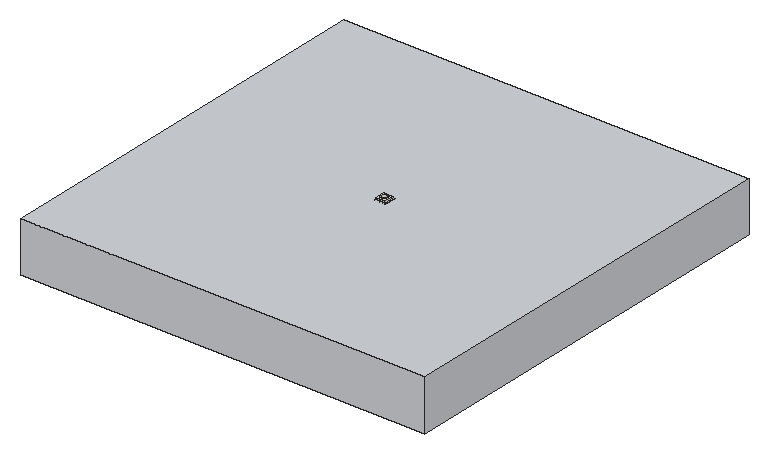
Revit family "Gira_267703", category Elektroinstallationen, Revit 2017
Family settings
  Basisbauteil = Fläche
  Beschriftungsausrichtung beibehalten = Ja
  Bemaßung runder Anschluss = Durchmesser verwenden
  Teiletyp = Normal
  Beim Laden mit Abzugskörper schneiden = Nein
  Gemeinsam genutzt = Nein
  Raumberechnungspunkt = Nein
Parameters
  With signal lamp = yes
  With orientation lighting = no
  With on/off switch = no
  With miniature fuse = no
  With loop through function = no
  With hinged lid = no
  With function lighting = no
  With child-protection = yes
  With built-in USB power supply = no
  URL = "https://www.gira.de/"
  Typname = "RCD-prot.sock. 30 mA SH System 55 p.white"
  Type of fastening = "Mounting with claw and screw"
  Transparent = no
  Surface protection = "Other"
  Surface finishing = "Glossy"
  Suitable for degree of protection (IP) = "IP20"
  Special power supply = "No special power supply"
  Rotated central insert = no
  Rated fault current = 0.03 A
  RAL-number (akin) = 9010
  Protective earth pin round = no
  Protective contact = yes
  Productwebsite = "http://katalog.gira.de/en/datenblatt.html?artikelnr=267703"
  Over voltage protection = no
  Number of units = 1
  Number of socket outlets switchable = 0
  Number of modules (module system) = 1
  Nominal voltage [Volt] = 230
  Nominal current = 16 A
  Mounting method = "Flush mounted (plaster)"
  built-in parameter 1010109 = ""
  Default Elevation = 1219.2 mm
  Model = "Other"
  Material quality = "Thermoplastic"
  Material = "Plastic"
  Lockable = no
  Label space/information surface = no
  Insulated mounting = no
  Imprint/indication = "Without imprint"
  Hersteller = "Gira"
  Halogen free = yes
  HAN = "267703"
  GTIN = "4010337011958"
  Für "erschwerte Bedingungen" (nach VDE) (*de-DE) = no
  Frequency [Hz] = "[50:60]"
  Fault current protection = yes
  Eject-mechanism = no
  Data sheet = "https://katalog.gira.de/en/download.html?artikelnr=267703"
  Cremeweiß glänzend = Cremeweiß glänzend
  Connection type = "Plug clamp"
  Colour = "White"
  Beschreibung = "RCD-prot.sock.30mA SH Sys55 PW,RCD-protected socket outlet 30 mA with integrated increased contact protection (shutter) and symbol ,,pure white glossy,Features:,- The RCD-protected socket outlet is a permanently installed protective device with voltage-dependent residual current tripping in accordance with VDE0664.,- This device works like an RCD switch.,- Additional SCHUKO socket outlets can be connected to the connection wires, which are then also included in the residual current protection.,,Notes :,- Installation in a deep device box.,- Increased contact protection pursuant to DIN-VDE 0620-1."
  BIM = "https://media.stage.bim.site/public/gira/ad86d9f/SYS55_Steckdose.rfa"
  Antibacterial treatment = no
Reference planes
  plane 1 "Center (Front/Back)": y = 0
  plane 2 "Reference Level 0": z = 0
  plane 3 "Center (Left/Right)": x = 0
  plane 4: x = 9.5
  plane 5: x = -9.5
  plane 6: x = 9.5
  plane 7: x = -9.5
  plane 8: x = 9.5
  plane 9: x = -9.5
  plane 10: x = 17.5
  plane 11 "Reference Level 1": z = 8.2
Forms (mm)
  Extrusion 1, solid
    sketch origin (0, 0, 0) x (1, 0, 0) y (0, 1, 0)
      loop
        line (-1219.2, 1219.2) -> (-1219.2, -1219.2) -> (1219.2, -1219.2) -> (1219.2, 1219.2) -> (-1219.2, 1219.2)
    from 0 to -304.8
  Extrusion 2, solid, material "Cremeweiß glänzend" <- "Cremeweiß glänzend", detail levels coarse
    sketch origin (0, 0, 0) x (1, 0, 0) y (0, 1, 0)
      loop
        line (-35.5, 35.5) -> (-35.5, -35.5) -> (35.5, -35.5) -> (35.5, 35.5) -> (-35.5, 35.5)
    from -27.5 to 8.2
  Extrusion 3, solid, material "Cremeweiß glänzend" <- "Cremeweiß glänzend", detail levels medium+fine
    sketch origin (0, 0, 0) x (1, 0, 0) y (0, 1, 0)
      loop
        line (-35.5, 35.5) -> (-35.5, -35.5) -> (35.5, -35.5) -> (35.5, 35.5) -> (-35.5, 35.5)
    from -2.2 to -3.2
  Extrusion 4, solid, material "Cremeweiß glänzend" <- "Cremeweiß glänzend", detail levels medium+fine
    sketch origin (0, 0, 0) x (1, 0, 0) y (0, 1, 0)
      loop
        line (-27.5, 27.5) -> (-27.5, -27.5) -> (27.5, -27.5) -> (27.5, 27.5) -> (-27.5, 27.5)
      loop
        circle (0, 0) r 19.2
    from 0 to 8.2
  Extrusion 5, solid, material "Cremeweiß glänzend" <- "Cremeweiß glänzend", detail levels fine
    sketch origin (0, 0, 0) x (1, 0, 0) y (0, 1, 0)
      loop
        circle (0, 0) r 19.2
      loop
        circle (9.5, 0) r 2.8
      loop
        circle (-9.5, 0) r 2.8
    from 0 to 1
  Extrusion 6, solid, material "Cremeweiß glänzend" <- "Cremeweiß glänzend", detail levels fine
    sketch origin (0, 0, 0) x (1, 0, 0) y (0, 1, 0)
      loop
        circle (-9.5, 0) r 2.8
      loop
        circle (9.5, 0) r 2.8
    from -2.2 to 0.3
  Extrusion 7, solid, material "Cremeweiß glänzend" <- "Cremeweiß glänzend", detail levels medium
    sketch origin (0, 0, 0) x (1, 0, 0) y (0, 1, 0)
      loop
        circle (0, 0) r 19.2
      loop
        circle (9.5, 0) r 2.8
      loop
        circle (-9.5, 0) r 2.8
    from 7.2 to 8.2
  Extrusion 8, solid, material "Cremeweiß glänzend" <- "Cremeweiß glänzend", detail levels medium
    sketch origin (0, 0, 0) x (1, 0, 0) y (0, 1, 0)
      loop
        circle (-9.5, 0) r 2.8
      loop
        circle (9.5, 0) r 2.8
    from 7.2 to 8.2
  Extrusion 9, solid, material "Cremeweiß glänzend" <- "Cremeweiß glänzend", detail levels medium+fine
    sketch origin (0, 0, 0) x (1, 0, 0) y (0, 1, 0)
      loop
        line (-20.5, 9) -> (-20.5, -18) -> (20.5, -18) -> (20.5, 9) -> (17.5, 9) -> (3, 21) -> (3, 24) -> (-3, 24) -> (-3, 21) -> (-17.5, 9) -> (-20.5, 9)
    from 0 to -27.5
  Extrusion 10, solid, material "Cremeweiß glänzend" <- "Cremeweiß glänzend", detail levels medium+fine
    sketch origin (0, 0, 0) x (1, 0, 0) y (0, 1, 0)
      loop
        line (-25, 5.5) -> (-25, -5.5) -> (-24, -5.5) -> (-24, 5.5) -> (-25, 5.5)
    from 0 to -27.5
  Extrusion 11, solid, material "Cremeweiß glänzend" <- "Cremeweiß glänzend", detail levels medium+fine
    sketch origin (0, 0, 0) x (-1, 0, 0) y (0, -1, 0)
      loop
        line (-25, 5.5) -> (-25, -5.5) -> (-24, -5.5) -> (-24, 5.5) -> (-25, 5.5)
    from 0 to -27.5
Dimensions and locks
  aligned and locked: plane 2 "Reference Level 0" to Extrusion 1
  aligned and locked: level to Extrusion 1
  aligned and locked: plane 3 "Center (Left/Right)" to nested 1
  aligned and locked: plane 1 "Center (Front/Back)" to nested 1
Nested families
  nested 1: "Steckdose 1-fach Beschriftung" at (0, 0, 0), type "Steckdose 1-fach Beschriftung"
Connectors
  electrical at (0, 9, -27.5)
    settings: on Extrusion 9, index 1, voltage 220 V, apparent load 0 VA, apparent load phase1 0 VA, apparent load phase2 0 VA, apparent load phase3 0 VA, power factor 1, load classification "Other", number of poles 1, system type 31, power factor state 1, is connector primary yes, connector utility no, sub classification motor no, connector description ""
Definition of nested family "Steckdose 1-fach Beschriftung"
  Reference planes
    plane 1: y = 0
    plane 2: x = 0
  Lines and regions (mm)
    detail lines
      curve 1: line (0, 0, 0) -> (0, 2, 0)
      curve 3: line (0, 2, 0) -> (-1, 2, 0)
      curve 4: arc (1, 3, 0) -> (0, 2, 0) -> (-1, 3, 0) r 1
      curve 5: line (0, 2, 0) -> (1, 2, 0)
    reference lines
      curve 2: line (-0.485, 3, 0) -> (2.315, 3, 0)
  Dimensions and locks
    curve 1 to curve 1 = 2 mm
    plane 1 to curve 2 = 3 mm
    curve 3 to curve 3 = 1 mm
